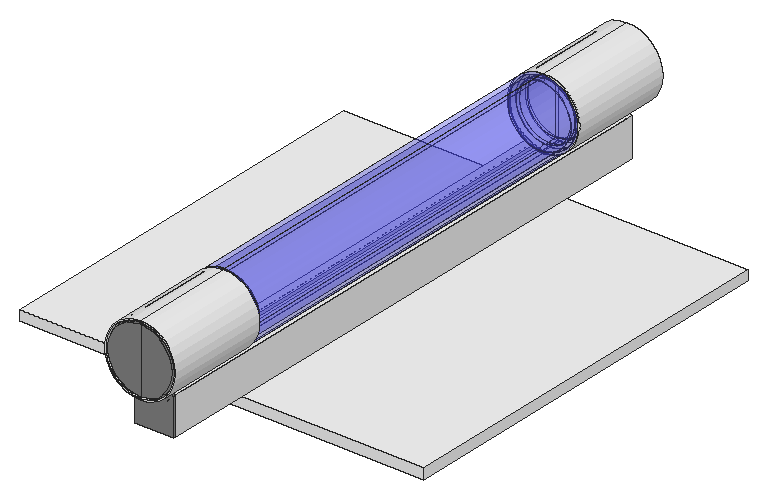
Revit family "BE_23253.1_de_DE", category Leuchten, Revit 2015
Parameters (values of type "BEGA_23253.1_K4")
  built-in parameter 1150104 = 11.613 (stored number, unit not read)
  Wattage = 13 W
  Default Elevation = 0 mm
  built-in parameter 1150113 = 1 (stored number, unit not read)
  built-in parameter 1114218 = 1 (stored number, unit not read)
  Umgebungstemperatur = "25 °C"
  URL = "http://www.bega.de/produkt/23253.1"
  Typenkommentare = "© 2017 BEGA. Wir behalten uns das Recht vor, technische Änderungen ohne vorherige Ankündigung vorzunehmen."  # constant formula
  built-in parameter 1150134 = 12
  built-in parameter 1150109 = 1 (stored number, unit not read)
  Strom = ""
  built-in parameter 1150110 = 1 (stored number, unit not read)
  Spannung = 239.996 V
  Sonderanfertigung = no
  Seriennummer [instance] = "Hier können Sie die eindeutige Seriennummer für das Facility Management eintragen."
  Schutzklasse = "I"
  Schutzart = "IP 44"
  Scheinlast = 0 VA
  Produktdatenblatt = "http://www.bega.de/download/Xrfa/db/23253.1.db.de.pdf"
  Oberflächentemperatur = ""
  Neigungswinkel = 0.00°
  Modell = "23253.1K4"
  Material_17 = BEGA_Reflektor
  Material_15 = BEGA_Leuchtmedium_matt
  Material_11 = BEGA_Glas_opal
  Material_09 = BEGA_Glas_klar
  Material_06 = BEGA_Oberfläche_Edelstahl_gebürstet
  Material_05 = BEGA_Oberfläche_Aluminium Guss
  Material_04 = BEGA_Kunststoff_Grafit_matt
  Material_03 = BEGA_Oberfläche_Weiss_matt
  Material_02 = BEGA_Oberfläche_Silber_matt
  Material_01 [instance] = BEGA_Oberfläche_Grafit_matt
  M_W = no
  M_G = no
  M_A = no
  Logo = 0
  built-in parameter 1114217 = 1 (stored number, unit not read)
  built-in parameter 1150139 = (empty or 0)
  built-in parameter 1150105 = 129.31 (stored number, unit not read)
  built-in parameter 1150114 = 1 (stored number, unit not read)
  Lumens = 1625 lm
  built-in parameter 1150115 = 1 (stored number, unit not read)
  Leuchtenlichtstrom = "1178 lm"
  Leuchtenanzahl = ""
  Lebensdauerkriterien = "L70B50 @ 25 °C = 280000 h"
  Lastklassifizierung = Beleuchtung
  built-in parameter 1150112 = 1 (stored number, unit not read)
  Lampenlichtstrom = "1625 lm"
  Lampe = "LED 13 W"
  LED_Modulbezeichnung = "LED-0424/940   LED-0425/940"
  Hersteller = "BEGA"  # constant formula
  Halbstreuwinkel = ""
  Gewicht = "1.9 kg"
  Gebrauchslageneinschränkung [instance] = ""
  Frequenz = "0/50-60 Hz"
  Farbwiedergabeindex = "Ra > 90"
  Farbtemperaturverschiebung bei Dämpfen der Lampe = <Keine Auswahl>
  Farbtemperatur = "4000 K"
  Color Filter = 16777215
  built-in parameter 1150133 = 10 (stored number, unit not read)
  Energieeffizienzklasse = "LED A++ - A"
  built-in parameter 1150137 = (empty or 0)
  built-in parameter 1150132 = (empty or 0)
  ENEC = ""
  Dimmbar [instance] = ""
  Datei für fotometrisches Netz = "BE_23253K4.IES"
  CE_Konformität = "ja"
  Bestellnummer = "23253.1K4"
  Beschreibung_Sonderanfertigung = "Hier können Sie Informationen zur Sonderanfertigung eintragen."
  Beschreibung = "Wandleuchte"
  built-in parameter 1150106 = 1.2931 (stored number, unit not read)
  Befestigungsbohrung = "Ø 6 mm"
  Befestigungsabstand = "365 mm"
  Ballwurfsicher = ""
  BEGA_Intern_aus = yes
  BEGA_Intern_an = yes
  BEGA_Intern_Konstruktion = yes
  BEGA_Intern = yes
  BEGA_IES = yes
  BEGA_Dummy = no
  Anschlussleitung = ""
  Anschlussleistung [instance] = "15.6 W"
  Anschlusskasten = ""
  built-in parameter 1150107 = 4000 (stored number, unit not read)
  built-in parameter 1150102 = (empty or 0)
  built-in parameter 1150138 = (empty or 0)
  Aktualisierung = "2017-09-29T04:10:01"
  Abstand_zur_angestrahlten_Fläche [instance] = ""
  AC/DC = "AC/DC"
Types (2, lengths in mm): name | built-in parameter 1150104 | built-in parameter 1150134 | Modell | built-in parameter 1150105 | Lumens | Leuchtenlichtstrom | Lampenlichtstrom | LED_Modulbezeichnung | Farbtemperatur | Datei für fotometrisches Netz | Bestellnummer | built-in parameter 1150106 | built-in parameter 1150107
  BEGA_23253.1_K4 | 11.613 (stored number, unit not read) | 12 | "23253.1K4" | 129.31 (stored number, unit not read) | 1625 lm | "1178 lm" | "1625 lm" | "LED-0424/940   LED-0425/940" | "4000 K" | "BE_23253K4.IES" | "23253.1K4" | 1.2931 (stored number, unit not read) | 4000 (stored number, unit not read)
  BEGA_23253.1_K3 | 10.758 (stored number, unit not read) | (empty or 0) | "23253.1" | 119.8 (stored number, unit not read) | 1505.4 lm | "1092 lm" | "1505 lm" | "LED-0424/930   LED-0425/930" | "3000 K" | "BE_23253.IES" | "23253.1" | 1.198 (stored number, unit not read) | 3000 (stored number, unit not read)
Reference planes
  plane 1 "Mitte (Vorne/Hinten)": y = 0
  plane 2: z = 0
  plane 3 "Mitte (Links/Rechts)": x = 0
  plane 4 "Links": x = -35
  plane 5 "Rechts": x = 35
  plane 6 "Unten": y = -301
  plane 7 "Oben": y = 301
  plane 8 "Vorne": z = 104.517
  plane 9 "Hinten": z = 0
Forms (mm)
  Extrusion 1, solid, material "BEGA_Platte_Weiss"
    sketch origin (0, -1119.2, 0) x (1, 0, 0) y (0, 1, 0)
      loop
        line (-200, 1319.2) -> (-200, 919.2) -> (200, 919.2) -> (200, 1319.2) -> (-200, 1319.2)
    from 0 to -10
  Extrusion 2, solid, material "BEGA_Dummy_matt", visible <- "BEGA_Dummy"
    sketch origin (80.095, -76.023, 0) x (1, 0, 0) y (0, 1, 0)
      loop
        line (-115.095, 377.023) -> (-115.095, -224.977) -> (-45.095, -224.977) -> (-45.095, 377.023) -> (-115.095, 377.023)
    from 0 to 104.517
Dimensions and locks
  plane 1 "Mitte (Vorne/Hinten)" to Extrusion 1 = 200 mm
  aligned and locked: plane 2 to Extrusion 1
  aligned and locked: level to Extrusion 1
Nested families
  nested 1: "BE_23253.1" at (0, 0, 0) x (0, 1, 0) z (0, 0, 1), type "BE_23253.1"
Connectors
  electrical at (0, 0, 0), driven by "Lastklassifizierung", driven by "Spannung", driven by "Scheinlast"
    settings: index 1, voltage 239.996 V, apparent load 0 VA, apparent load phase1 0 VA, apparent load phase2 0 VA, apparent load phase3 0 VA, power factor 1, load classification "Beleuchtung", number of poles 1, system type 31, power factor state 1, is connector primary yes, connector utility no, sub classification motor no, connector description ""
Definition of nested family "BE_23253.1"
  Parameters (values of type "BE_23253.1")
    Default Elevation = 1 mm
    URL = "http://www.bega.de/de/produkt"
    Type Comments = "© 2015 BEGA. Wir behalten uns das Recht vor, technische Änderungen ohne vorherige Ankündigung vorzunehmen. "  # constant formula
    Type Image = (empty or 0)
    Neigungswinkel_um_Z2 = 0.00°
    Neigungswinkel_um_Z1 = 0.00°
    Neigungswinkel_um_Y2 = 0.00°
    Neigungswinkel_um_Y1 = 0.00°
    Neigungswinkel_um_X2 = 0.00°
    Neigungswinkel_um_X1 = 0.00°
    Material_17 = none
    Material_15 = none
    Material_11 = none
    Material_09 = none
    Material_06 = none
    Material_05 = none
    Material_04 = none
    Material_03 = none
    Material_02 = none
    Material_01 = none
    M_W = yes
    M_G = yes
    M_A = yes
    Länge_Platte = 700 mm  # constant formula
    Höhe_Platte = -10 mm  # constant formula
    Manufacturer = "BEGA"  # constant formula
    Drehwinkel_um_Z2 = 0.00°
    Drehwinkel_um_Z1 = 0.00°
    Breite_Platte = 200 mm  # constant formula
  Reference planes
    plane 1 "Mitte (Oben/Unten)": y = 0
    plane 2: z = 0
    plane 3 "Mitte (Links/Rechts)": x = 0
    plane 4: y = 35
    plane 5: y = -35
    plane 6: z = 104.517
    plane 7: x = -301
    plane 8: x = 301
    plane 9: z = 104.517
  Forms (mm)
    Extrusion 1, solid, detail levels medium
      sketch origin (0, 0, 0) x (1, 0, 0) y (0, 1, 0)
        loop
          line (-350, 100) -> (-350, -100) -> (350, -100) -> (350, 100) -> (-350, 100)
      from 0 to -10 <- "Höhe_Platte"
    Extrusion 2, solid, material <- "Material_03", detail levels medium+fine
      sketch origin (0, 0, 0) x (0, 1, 0) y (0, 0, 1)
        loop
          line (-20, 37.5) -> (-20, 0) -> (-15.75, 0) -> (-15.75, 6.5) -> (-16.8, 6.5)
          arc (-16.8, 6.5) -> (-17.507, 6.793) -> (-17.8, 7.5) r 1
          line (-17.8, 7.5) -> (-17.8, 32.29)
          arc (-17.8, 32.29) -> (-16.811, 33.7) -> (-15.148, 33.251) r 1.5
          line (-15.148, 33.251) -> (-11.917, 29.4) -> (11.917, 29.4) -> (15.148, 33.251)
          arc (15.148, 33.251) -> (16.811, 33.7) -> (17.8, 32.29) r 1.5
          line (17.8, 32.29) -> (17.8, 7.5)
          arc (17.8, 7.5) -> (17.507, 6.793) -> (16.8, 6.5) r 1
          line (16.8, 6.5) -> (15.75, 6.5) -> (15.75, 0) -> (20, 0) -> (20, 37.5) -> (18, 39.5)
          arc (18, 39.5) -> (15.101, 37.578) -> (12, 36.005) r 30
          line (12, 36.005) -> (12, 33.9)
          arc (12, 33.9) -> (11.561, 32.839) -> (10.5, 32.4) r 1.5
          line (10.5, 32.4) -> (-10.5, 32.4)
          arc (-10.5, 32.4) -> (-11.561, 32.839) -> (-12, 33.9) r 1.5
          line (-12, 33.9) -> (-12, 36.005)
          arc (-12, 36.005) -> (-15.101, 37.578) -> (-18, 39.5) r 30
          line (-18, 39.5) -> (-20, 37.5)
      from -281.945 to 281
    Extrusion 3, solid, material <- "Material_03", detail levels medium+fine
      sketch origin (0, 0, 0) x (1, 0, 0) y (0, 0, 1)
        loop
          line (173, 4.3) -> (173, 1) -> (192.993, 1) -> (192.993, 4.3) -> (173, 4.3)
        loop
          line (-191.993, 4.3) -> (-191.993, 1) -> (-172, 1) -> (-172, 4.3) -> (-191.993, 4.3)
      from -17.577 to 17.577
    Extrusion 4, solid, material <- "Material_04", detail levels medium+fine
      sketch origin (0, 0, 0) x (0, 1, 0) y (0, 0, 1)
        loop
          line (-18.99, 0.01) -> (18.99, 0.01) -> (19, 36.578) -> (17.542, 38.036)
          arc (17.542, 38.036) -> (0, 32.49) -> (-17.542, 38.036) r 30.51
          line (-17.542, 38.036) -> (-18.99, 36.588) -> (-18.99, 0.01)
      from 281 to 282.5
    Extrusion 5, solid, material <- "Material_04", detail levels medium+fine
      sketch origin (0, 0, 0) x (0, 1, 0) y (0, 0, -1)
        loop
          line (-18.99, -0.01) -> (-18.99, -36.588) -> (-17.542, -38.036)
          arc (-17.542, -38.036) -> (0, -32.49) -> (17.542, -38.036) r 30.51
          line (17.542, -38.036) -> (19, -36.578) -> (18.99, -0.01) -> (-18.99, -0.01)
      from 281.945 to 283.5
    Extrusion 6, void
      sketch origin (0, 0, 0) x (1, 0, 0) y (0, 1, 0)
        loop
          arc (180, 3) -> (177, 0) -> (180, -3) r 3
          line (180, -3) -> (186, -3)
          arc (186, -3) -> (188.116, -2.127) -> (189, -0.016) r 3
          arc (189, -0.016) -> (188.116, 2.127) -> (186, 3) r 3
          line (186, 3) -> (180, 3)
        loop
          arc (-179, 3) -> (-182, 6) -> (-185, 3) r 3
          line (-185, 3) -> (-185, -3)
          arc (-185, -3) -> (-184.128, -5.114) -> (-181.985, -6) r 3
          arc (-181.985, -6) -> (-179.873, -5.116) -> (-179, -3) r 3
          line (-179, -3) -> (-179, 3)
      from 0 to 6.5
    Revolve 7, void
      sketch origin (-251, 0, 0) x (0, 1, 0) y (0, 0, 1)
        loop
          line (-6, 32.4) -> (-6, 29.4) -> (0, 29.4) -> (0, 32.4) -> (-6, 32.4)
        axis (0, 32.4) -> (0, 29.4)
      angle from 0 to 360
    Revolve 8, solid, material <- "Material_03", detail levels medium+fine
      sketch origin (0, 0, 0) x (1, 0, 0) y (0, 0, 1)
        loop
          line (-301, 103.267) -> (-298.43, 103.267) -> (-297.66, 102.822) -> (-286, 102.517) -> (-198, 102.517) -> (-198, 104.517) -> (-301, 104.517) -> (-301, 103.267)
        loop
          line (301, 103.267) -> (301, 104.517) -> (198, 104.517) -> (198, 102.517) -> (286, 102.517) -> (297.66, 102.822) -> (298.43, 103.267) -> (301, 103.267)
        axis (-301, 69.517) -> (301, 69.517)
      angle from 0 to 360
    Revolve 9, solid, material <- "Material_04", detail levels medium+fine
      sketch origin (0, 0, 0) x (1, 0, 0) y (0, 0, 1)
        loop
          line (-301, 101.517) -> (-301, 69.517) -> (-295, 69.517) -> (-295, 100.067) -> (-286, 100.381) -> (-286, 103.017) -> (-298, 103.017) -> (-298, 101.517) -> (-301, 101.517)
        loop
          line (301, 101.517) -> (298, 101.517) -> (298, 103.017) -> (286, 103.017) -> (286, 100.381) -> (295, 100.067) -> (295, 69.517) -> (301, 69.517) -> (301, 101.517)
        axis (-301, 69.517) -> (301, 69.517)
      angle from 0 to 360
    Revolve 10, solid, material <- "Material_11", detail levels medium+fine
      sketch origin (0, 0, 0) x (1, 0, 0) y (0, 0, 1)
        loop
          line (-203.5, 98.517) -> (-199.415, 98.517)
          arc (-199.415, 98.517) -> (-195.122, 97.721) -> (-191.993, 100.767) r 4.75
          line (-191.993, 100.767) -> (192.993, 100.767)
          arc (192.993, 100.767) -> (196.122, 97.721) -> (200.415, 98.517) r 4.75
          line (200.415, 98.517) -> (204.336, 98.517) -> (212.75, 97.781) -> (212.75, 69.517) -> (216.5, 69.517) -> (216.5, 99.388)
          arc (216.5, 99.388) -> (215.976, 100.734) -> (214.684, 101.376) r 2
          line (214.684, 101.376) -> (204.5, 102.267) -> (196.5, 102.36) -> (196.5, 104.517) -> (-196.5, 104.517) -> (-196.5, 102.267) -> (-203.5, 102.267) -> (-203.5, 98.517)
        axis (-203.5, 69.517) -> (216.5, 69.517)
      angle from 0 to 360
    Revolve 11, void
      sketch origin (0, 0, 0) x (1, 0, 0) y (0, 0, 1)
        loop
          line (298.3, 79.117) -> (298.3, 69.517) -> (301.213, 69.517) -> (301.213, 79.295) -> (298.3, 79.117)
        axis (298.3, 69.517) -> (301.213, 69.517)
      angle from 0 to 360
    Revolve 12, solid, material <- "Material_06", detail levels fine
      sketch origin (0, 0, 0) x (1, 0, 0) y (0, 0, 1)
        loop
          line (298.3, 79.017) -> (298.3, 69.517) -> (300.8, 69.517) -> (300.8, 79.017) -> (298.3, 79.017)
        axis (298.3, 69.517) -> (300.8, 69.517)
      angle from 0 to 360
  Cuts and joins
    joined: Extrusion 4, Extrusion 5
    Revolve 7 cuts Extrusion 2
    Extrusion 6 cuts Extrusion 3
    joined: Extrusion 2, Extrusion 3
    Revolve 11 cuts Revolve 9
  Dimensions and locks
    equal spacing: Extrusion 1 sketch curve, plane 3 "Mitte (Links/Rechts)", Extrusion 1 sketch curve
    equal spacing: Extrusion 1 sketch curve, plane 1 "Mitte (Oben/Unten)", Extrusion 1 sketch curve
    "Länge_Platte": Extrusion 1 sketch curve to Extrusion 1 sketch curve
    "Breite_Platte": Extrusion 1 sketch curve to Extrusion 1 sketch curve
    aligned and locked: Extrusion 1 to plane 2
    aligned and locked: level to Extrusion 1
  Automatic sketch dimensions
    Extrusion 2 sketch curve to Extrusion 2 sketch curve = 0 mm  (x2)
    Extrusion 2 sketch curve to level = 0 mm  (x2)
    Extrusion 2 sketch curve to plane 1 "Mitte (Oben/Unten)" = 0 mm
    plane 1 "Mitte (Oben/Unten)" to Extrusion 2 sketch curve = 10.5 mm
    Extrusion 2 sketch curve to Extrusion 2 sketch curve = 1.417 mm  (x2)
    Extrusion 2 sketch curve to Extrusion 2 sketch curve = 1.5 mm  (x3)
    Extrusion 2 sketch curve to Extrusion 2 sketch curve = 3.148 mm  (x2)
    plane 1 "Mitte (Oben/Unten)" to Extrusion 2 sketch curve = 15.75 mm
    Extrusion 2 sketch curve to Extrusion 2 sketch curve = 1.152 mm  (x2)
    Extrusion 2 sketch curve to Extrusion 2 sketch curve = 1.05 mm  (x2)
    Extrusion 2 sketch curve to Extrusion 2 sketch curve = 1 mm
    Extrusion 2 sketch curve to Extrusion 2 sketch curve = 2.852 mm  (x2)
    Extrusion 2 sketch curve to Extrusion 2 sketch curve = 2 mm  (x2)
    Extrusion 2 sketch curve to plane 1 "Mitte (Oben/Unten)" = 10.5 mm
    level to Extrusion 2 sketch curve = 6.5 mm  (x2)
    Extrusion 2 sketch curve to plane 1 "Mitte (Oben/Unten)" = 15.75 mm
    Extrusion 2 sketch curve to Extrusion 2 sketch curve = 4.25 mm
    Extrusion 2 sketch curve to Extrusion 2 sketch curve = 21.9 mm
    Extrusion 2 sketch curve to Extrusion 2 sketch curve = 2.89 mm  (x2)
    Extrusion 2 sketch curve to Extrusion 2 sketch curve = 3 mm
    Extrusion 2 sketch curve to Extrusion 2 sketch curve = 2.105 mm  (x2)
    Extrusion 2 sketch curve to Extrusion 2 sketch curve = 5.21 mm  (x2)
    level to Extrusion 3 sketch curve = 1 mm  (x2)
    Extrusion 3 sketch curve to Extrusion 3 sketch curve = 19.993 mm  (x2)
    level to Extrusion 3 sketch curve = 4.3 mm
    Extrusion 3 sketch curve to Extrusion 3 sketch curve = 3.3 mm
    Extrusion 4 sketch curve to plane 1 "Mitte (Oben/Unten)" = 0 mm
    Extrusion 4 sketch curve to plane 5 = 17.458 mm
    level to Extrusion 4 sketch curve = 0.01 mm
    Extrusion 4 sketch curve to plane 5 = 16.01 mm
    Extrusion 4 sketch curve to plane 4 = 17.458 mm
    Extrusion 4 sketch curve to plane 4 = 16.01 mm
    Extrusion 4 sketch curve to Extrusion 4 sketch curve = 1.458 mm  (x2)
    Extrusion 4 sketch curve to Extrusion 4 sketch curve = 36.567 mm
    Extrusion 4 sketch curve to Extrusion 4 sketch curve = 36.578 mm
    Extrusion 5 sketch curve to plane 1 "Mitte (Oben/Unten)" = 0 mm
    Extrusion 5 sketch curve to plane 5 = 17.458 mm
    level to Extrusion 5 sketch curve = 0.01 mm
    Extrusion 5 sketch curve to plane 5 = 16.01 mm
    Extrusion 5 sketch curve to plane 4 = 17.458 mm
    Extrusion 5 sketch curve to plane 4 = 16.01 mm
    Extrusion 5 sketch curve to Extrusion 5 sketch curve = 1.458 mm
    Extrusion 5 sketch curve to Extrusion 5 sketch curve = 36.567 mm
    Extrusion 5 sketch curve to Extrusion 5 sketch curve = 36.578 mm
    Extrusion 5 sketch curve to Extrusion 5 sketch curve = 1.448 mm
    Extrusion 6 sketch curve to Extrusion 6 sketch curve = 0 mm  (x5)
    plane 1 "Mitte (Oben/Unten)" to Extrusion 6 sketch curve = 0 mm  (x2)
    Extrusion 6 sketch curve to plane 1 "Mitte (Oben/Unten)" = 3 mm
    Extrusion 6 sketch curve to Extrusion 6 sketch curve = 3 mm  (x2)
    plane 1 "Mitte (Oben/Unten)" to Extrusion 6 sketch curve = 3 mm  (x2)
    Extrusion 6 sketch curve to Extrusion 6 sketch curve = 6 mm
    Extrusion 6 sketch curve to Extrusion 6 sketch curve = 0.02 mm
    Extrusion 6 sketch curve to Extrusion 6 sketch curve = 0.035 mm
    Extrusion 6 sketch curve to plane 1 "Mitte (Oben/Unten)" = 0.016 mm
    plane 1 "Mitte (Oben/Unten)" to Extrusion 6 sketch curve = 0.016 mm
    Revolve 7 sketch curve to plane 1 "Mitte (Oben/Unten)" = 0 mm  (x2)
    Revolve 7 sketch curve to Revolve 7 sketch curve = 6 mm
    level to Revolve 7 sketch curve = 29.4 mm
    Revolve 7 sketch curve to Revolve 7 sketch curve = 3 mm
    Revolve 7 sketch curve to Revolve 7 sketch curve = 4.732 mm
    Revolve 7 sketch curve to Revolve 7 sketch curve = 0 mm
    Extrusion 4 sketch curve to Extrusion 4 sketch curve = 24.964 mm
    Extrusion 5 sketch curve to Extrusion 5 sketch curve = 24.964 mm
    Revolve 8 sketch curve to Revolve 8 sketch curve = 2.57 mm
    Revolve 8 sketch curve to Revolve 8 sketch curve = 0.77 mm  (x2)
    Revolve 8 sketch curve to Revolve 8 sketch curve = 11.66 mm
    Revolve 8 sketch curve to Revolve 8 sketch curve = 88 mm
    level to Revolve 8 sketch curve = 102.517 mm  (x2)
    Revolve 8 sketch curve to Revolve 8 sketch curve = 0.305 mm  (x2)
    Revolve 8 sketch curve to Revolve 8 sketch curve = 0.445 mm  (x2)
    Revolve 8 sketch curve to Revolve 8 sketch curve = 2 mm  (x2)
    Revolve 8 sketch curve to Revolve 8 sketch curve = 27.869 mm
    Revolve 8 sketch curve to Revolve 8 sketch curve = 33 mm
    Revolve 9 sketch curve to Revolve 9 sketch curve = 3 mm
    Revolve 9 sketch curve to Revolve 9 sketch curve = 6 mm  (x2)
    Revolve 9 sketch curve to Revolve 9 sketch curve = 9 mm  (x2)
    level to Revolve 9 sketch curve = 69.517 mm  (x2)
    Revolve 9 sketch curve to Revolve 9 sketch curve = 30.55 mm  (x2)
    Revolve 9 sketch curve to Revolve 9 sketch curve = 0.314 mm  (x2)
    Revolve 9 sketch curve to Revolve 9 sketch curve = 1.45 mm  (x2)
    Revolve 9 sketch curve to Revolve 9 sketch curve = 1.5 mm  (x2)
    Revolve 9 sketch curve to Revolve 9 sketch curve = 4 mm
    Revolve 9 sketch curve to Revolve 9 sketch curve = 0 mm
    level to Revolve 12 sketch curve = 69.517 mm
    Revolve 12 sketch curve to Revolve 12 sketch curve = 9.5 mm
    Revolve 12 sketch curve to Revolve 12 sketch curve = 0 mm  (x2)
    Revolve 10 sketch curve to plane 6 = 0 mm
    plane 6 to Revolve 10 sketch curve = 2.25 mm  (x2)
    Revolve 10 sketch curve to Revolve 10 sketch curve = 4.085 mm
    Revolve 10 sketch curve to Revolve 10 sketch curve = 2.915 mm  (x2)
    Revolve 10 sketch curve to Revolve 10 sketch curve = 0 mm
    Revolve 10 sketch curve to Revolve 10 sketch curve = 4.507 mm
    plane 6 to Revolve 10 sketch curve = 3.75 mm
    plane 6 to Revolve 10 sketch curve = 2.157 mm
    Revolve 10 sketch curve to Revolve 10 sketch curve = 3.507 mm
    Revolve 10 sketch curve to Revolve 10 sketch curve = 1 mm
    Revolve 10 sketch curve to Revolve 10 sketch curve = 3.921 mm
    Revolve 10 sketch curve to Revolve 10 sketch curve = 0.164 mm
    Revolve 10 sketch curve to Revolve 10 sketch curve = 8.414 mm
    Revolve 10 sketch curve to Revolve 10 sketch curve = 1.75 mm
    plane 6 to Revolve 10 sketch curve = 3.141 mm
    Revolve 10 sketch curve to Revolve 10 sketch curve = 0.184 mm
    Revolve 10 sketch curve to Revolve 10 sketch curve = 3.75 mm  (x3)
    Revolve 10 sketch curve to Revolve 10 sketch curve = 1.988 mm
    Revolve 10 sketch curve to Revolve 10 sketch curve = 1.604 mm
    Revolve 10 sketch curve to Revolve 10 sketch curve = 28.264 mm
    Revolve 10 sketch curve to plane 3 "Mitte (Links/Rechts)" = 46.5 mm
    plane 3 "Mitte (Links/Rechts)" to Revolve 10 sketch curve = 23.5 mm
    plane 6 to Revolve 10 sketch curve = 35 mm
    Revolve 11 sketch curve to Revolve 11 sketch curve = 2.913 mm
    plane 6 to Revolve 11 sketch curve = 35 mm
    Revolve 11 sketch curve to Revolve 11 sketch curve = 9.6 mm
    Revolve 11 sketch curve to Revolve 11 sketch curve = 0.178 mm
    Revolve 11 sketch curve to Revolve 11 sketch curve = 0 mm  (x2)
    Revolve 11 sketch curve to Revolve 11 sketch curve = 0.462 mm
    plane 7 to Extrusion 3 sketch curve = 129 mm
    plane 7 to Extrusion 6 sketch curve = 122 mm
    Revolve 8 sketch curve to plane 7 = 0 mm
    Revolve 8 sketch curve to Revolve 8 sketch curve = 43.754 mm
    Revolve 9 sketch curve to plane 7 = 0 mm  (x2)
    plane 7 to Revolve 10 sketch curve = 109.007 mm
    plane 8 to Extrusion 3 sketch curve = 128 mm
    plane 8 to Extrusion 6 sketch curve = 121 mm
    Revolve 8 sketch curve to plane 8 = 0 mm
    plane 8 to Revolve 8 sketch curve = 103 mm
    plane 8 to Revolve 8 sketch curve = 15 mm
    plane 8 to Revolve 8 sketch curve = 3.34 mm
    plane 8 to Revolve 9 sketch curve = 0 mm
    plane 8 to Revolve 9 sketch curve = 3 mm
    plane 8 to Revolve 10 sketch curve = 108.007 mm
    plane 8 to Revolve 11 sketch curve = 2.7 mm
    plane 8 to Revolve 12 sketch curve = 2.7 mm
    plane 8 to Revolve 12 sketch curve = 0.2 mm
    Revolve 12 sketch curve to plane 8 = 0.342 mm
